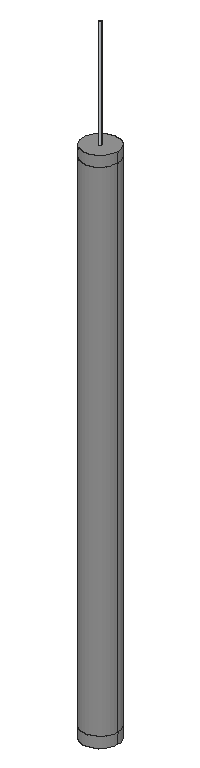
Revit family "LIBRETA_4000K_4400LM_40W_1200MM", category Lighting Fixtures, host Ceiling, Revit 2021
Family settings
  Host = Ceiling
  Round Connector Dimension = Use Diameter
  Part Type = Normal
  OmniClass Number = 23.80.70.11
  OmniClass Title = Luminaries for Internal Lighting
  Always vertical = Yes
  Cut with Voids When Loaded = No
  Light Source = Yes
  Shared = No
  Room Calculation Point = No
Parameters (values of type "Type 1")
  Wattage = 29.6213 W
  built-in parameter 1150110 = 1 (stored number, unit not read)
  Type de lampe = "LED Epistar 2835"
  Type = "Suspension tubulaire"
  built-in parameter 1114217 = 1 (stored number, unit not read)
  Tilt Angle = 90.00°
  built-in parameter 1150109 = 1 (stored number, unit not read)
  built-in parameter 1150134 = 12
  built-in parameter 1150113 = 1 (stored number, unit not read)
  SDCM = "<4"
  Puissance nominale = "40W"
  Photometric Web File = "google_eulumdat_converter (11).ies"
  Matériau = "PMMA et embouts en aluminium"
  Maintien du flux = "L80B10 (50 000 heures)"
  Lumens = 4400 lm
  built-in parameter 1150115 = 1 (stored number, unit not read)
  built-in parameter 1150105 = 350.14 (stored number, unit not read)
  built-in parameter 1150137 = (empty or 0)
  built-in parameter 1150139 = (empty or 0)
  built-in parameter 1150112 = 1 (stored number, unit not read)
  built-in parameter 1150114 = 1 (stored number, unit not read)
  built-in parameter 1150132 = 2
  built-in parameter 1150102 = (empty or 0)
  built-in parameter 1150138 = (empty or 0)
  built-in parameter 1150107 = 4000 (stored number, unit not read)
  built-in parameter 1150106 = 3.5014 (stored number, unit not read)
  IRC = ">80"
  built-in parameter 1150104 = 13.8 (stored number, unit not read)
  Durée de vie = "50 000 heures"
  Driver = "Driver Lifud"
  Dimming Lamp Color Temperature Shift = <None>
  Dimensions = "ø 80 mm; H : 1200 mm"
  Diffuseur = "Opale"
  Default Elevation = 0 mm
  Color Filter = 16777215
  built-in parameter 1114218 = 1 (stored number, unit not read)
  built-in parameter 1150133 = 10 (stored number, unit not read)
  Angle d'éclairage = "360°"
  Alimentation luminaire = "...mA / .....V"
  Alimentation Driver = "AC 200-240V"
Reference planes
  plane 1 "Light Source Axis (F/B)": y = 0
  plane 2: z = 0
  plane 3 "Light Source Axis (L/R)": x = 0
  plane 4 "Ceiling": z = 4000
  plane 5 "Light Source Elevation": z = 3580.854
Forms (mm)
  Extrusion 1, solid, material "Glass, White, High Luminance"
    sketch origin (0, 0, 4000) x (0, 1, 0) y (-1, 0, 0)
      loop
        circle (0, 0) r 40
    from -272.662 to -1425.45
  Extrusion 2, solid, material "Aluminum"
    sketch origin (0, 0, 4000) x (0, 1, 0) y (-1, 0, 0)
      loop
        circle (0, 0) r 40
    from -272.662 to -250
  Extrusion 3, solid, material "Aluminum"
    sketch origin (0.02, 0, 2820) x (0, 1, 0) y (-1, 0, 0)
      loop
        circle (0, 0) r 40
    from -270 to -245.45
  Extrusion 4, solid
    sketch origin (0, 0, 4000) x (0, 1, 0) y (-1, 0, 0)
      loop
        circle (0, 0) r 2.729
    from -250 to 0
Lines and regions (mm)
  reference lines
    curve 1: line (0, 0, 3750) -> (0, 0, 3150)
    curve 2: line (0, 0, 3750) -> (0, 0, 2850)
    curve 3: line (0, 0, 2850) -> (-20, 0, 2850)
    curve 4: line (0, 0, 3750) -> (0, 0, 2750)
    curve 5: line (0, 0, 2750) -> (-20, 0, 2750)
    curve 6: line (0, 0, 3750) -> (0, 0, 2550)
    curve 7: line (0, 0, 2550) -> (-20, 0, 2550)
Dimensions and locks
  equal spacing: host sketch curve, plane 3 "Light Source Axis (L/R)", host sketch curve
  equal spacing: host sketch curve, plane 1 "Light Source Axis (F/B)", host sketch curve
  host sketch curve to host sketch curve = 4000 mm  (x2)
  plane 4 "Ceiling" to host ceiling = 0 mm
  aligned and locked: plane 1 "Light Source Axis (F/B)" to imposter light
  aligned and locked: plane 5 "Light Source Elevation" to imposter light
